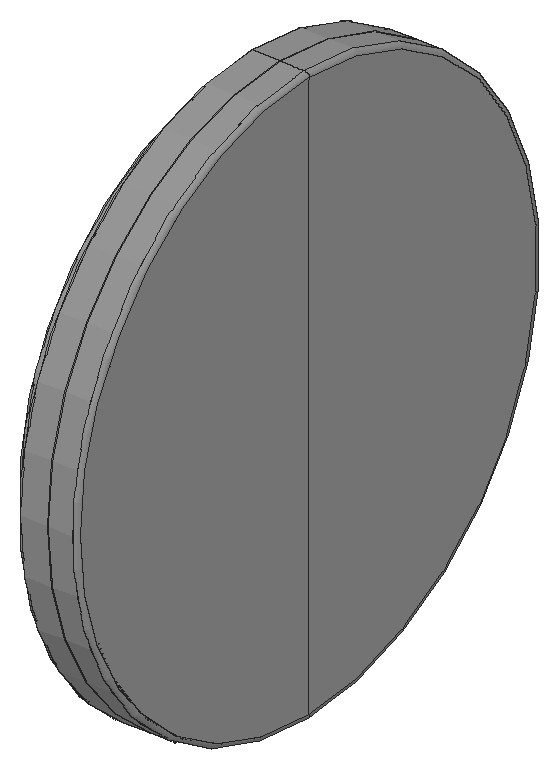
Revit family "IVLB_Generic_LF_Wall Mounted Luminaire Round", category Lighting Fixtures, Revit 2019 (continued)
Definition of nested family "Generic Lightsource"
  Parameters (values of type "FMS.1110.10 - Ø270 / 18W / 1120lm / 4000K")
      394.7084\t391.0909\t387.0552\r\n382.4227\t377.3501\t371.7125\t365.6289\t359.0797\t352.0101\t344.5153\t336.5336\t328.0834\t319.186\r\n310.0492\t300.3991\t290.6808\t280.0535\t269.1382\t257.6606\t245.9715\t234.0356\t221.994\t209.6474\r\n197.1639\t184.5242\t171.8904\t158.2648\t144.4077\t130.6839\t117.093\t103.3426\t89.5213\t76.4321\r\n62.9064\t50.3095\t38.9022\t28.6824\t0\t0\r\n405.3384\t405.5619\t405.0308\t404.1037\t402.4481\t400.3826\t397.8529\t394.7029\t391.0716\t386.9514\r\n382.295\t377.2986\t371.6562\t365.6032\t359.0556\t351.9937\t344.5103\t336.584\t328.1776\t319.3532\r\n310.0974\t300.3356\t290.3174\t279.8488\t269.1115\t258.1537\t246.5385\t234.5863\t222.1937\t209.6472\r\n196.9332\t184.0086\t170.9271\t157.807\t144.7993\t131.1715\t116.9912\t103.0076\t89.4388\t75.7848\r\n62.8691\t50.2334\t38.592\t27.1196\t0\t0\r\n405.3384\t405.5633\t405.0407\t404.1312\t402.6392\t400.4187\t397.881\t394.7292\t391.0895\t386.9644\r\n382.2746\t377.1648\t371.4996\t365.4693\t358.9878\t351.9131\t344.4464\t336.5353\t328.1318\t319.3478\r\n310.1011\t300.4485\t290.394\t279.9618\t269.1603\t257.9107\t246.3524\t234.5985\t222.4284\t210.1088\r\n197.3969\t184.1969\t170.8703\t157.4428\t143.9608\t130.43\t116.9468\t103.5478\t89.3098\t75.5778\r\n62.4619\t50.0702\t38.7502\t24.5387\t1.901\t0\r\n405.3384\t405.5636\t405.0466\t404.1492\t402.6681\t400.5955\t398.0664\t394.9307\t391.1454\t387.0248\r\n382.3139\t377.1828\t371.4901\t365.4554\t358.8567\t351.7264\t344.248\t336.3296\t327.9212\t319.2201\r\n309.9694\t300.3191\t290.2888\t279.8993\t269.135\t258.007\t246.5323\t234.736\t222.5462\t210.0919\r\n197.3723\t184.3271\t171.1345\t157.7225\t144.2137\t130.4595\t116.5463\t102.7293\t88.9906\t75.6756\r\n62.4842\t49.7099\t38.4108\t19.5388\t9.0852\t0\r\n405.3384\t405.5627\t405.0483\t404.1575\t402.6822\t400.6129\t398.0939\t394.9827\t391.3659\t387.2691\r\n382.55\t377.4142\t371.7081\t365.686\t358.9237\t351.7483\t344.2571\t336.3046\t327.8656\t319.0519\r\n309.7319\t300.073\t290.0393\t279.6352\t268.8689\t257.7186\t246.2608\t234.4573\t222.2884\t210.0107\r\n197.2602\t184.3582\t171.2221\t157.8358\t144.2992\t130.7043\t116.8944\t103.0094\t89.1137\t75.4482\r\n62.0725\t49.5077\t38.5681\t16.4085\t6.3848\t0\r\n405.3384\t405.5608\t405.0458\t404.1562\t402.6815\t400.6096\t398.0931\t394.9913\t391.3746\t387.2895\r\n382.5726\t377.4458\t371.7456\t365.7409\t359.116\t351.9176\t344.4382\t336.4672\t328.028\t319.2025\r\n309.8386\t300.1705\t290.1395\t279.7338\t268.942\t257.7639\t246.2815\t234.4244\t222.1929\t209.9028\r\n196.969\t184.0235\t170.8906\t157.4183\t143.9226\t130.2982\t116.5333\t102.7217\t88.9801\t75.3324\r\n62.0708\t49.4881\t37.8886\t16.6443\t6.3206\t4.5649\r\n405.3384\t405.5579\t405.0392\t404.1453\t402.6658\t400.5861\t398.064\t394.9565\t391.3223\t387.2272\r\n382.4989\t377.367\t371.656\t365.6345\t358.8616\t351.6754\t344.1767\t336.2087\t327.7721\t318.9511\r\n309.6246\t299.9461\t289.9153\t279.5013\t268.7141\t257.5244\t246.0492\t234.2476\t222.0584\t209.8057\r\n197.0631\t184.1389\t170.9819\t157.6062\t144.0805\t130.4305\t116.7655\t102.8872\t88.9857\t75.3165\r\n61.9974\t49.5022\t38.5004\t19.5133\t10.1573\t0\r\n405.3384\t405.5537\t405.0285\t404.1246\t402.6354\t400.5421\t398.006\t394.879\t391.057\t386.9398\r\n382.2102\t377.0886\t371.3854\t365.3521\t358.7336\t351.5762\t344.0881\t336.1427\t327.7345\t319.0228\r\n309.7484\t300.0828\t290.0448\t279.6173\t268.8275\t257.6208\t246.1171\t234.3028\t222.0743\t209.66\r\n196.8854\t183.8167\t170.5486\t157.0989\t143.5804\t129.9288\t116.1512\t102.4281\t88.8066\t75.5773\r\n62.493\t49.7093\t38.2595\t25.0307\t14.9589\t0\r\n405.3384\t405.5487\t405.0137\t404.0945\t402.5903\t400.3393\t397.7919\t394.6519\t390.9587\t386.8388\r\n382.1207\t377.0237\t371.3413\t365.3181\t358.8128\t351.6794\t344.2118\t336.2599\t327.8486\t319.0383\r\n309.7477\t300.0564\t289.9668\t279.4805\t268.6528\t257.2839\t245.7289\t233.9178\t221.7092\t209.3665\r\n196.5454\t183.3687\t170.0181\t156.5779\t143.1684\t129.7197\t116.3848\t103.1589\t88.9988\t75.3396\r\n62.3046\t50.0937\t38.8254\t28.0997\t2.873\t0\r\n405.3384\t405.5424\t404.9947\t404.055\t402.3835\t400.2776\t397.7298\t394.604\t390.8997\t386.7863\r\n382.0919\t377.1147\t371.4463\t365.407\t358.8101\t351.6735\t344.1847\t336.2129\t327.7678\t318.9134\r\n309.5687\t299.7567\t289.6031\t279.1338\t268.3599\t257.1899\t245.6509\t233.7994\t221.2737\t208.667\r\n195.8953\t182.9771\t169.8766\t156.7282\t143.8338\t130.2381\t116.1827\t102.4101\t88.9484\t75.4168\r\n62.7296\t50.3091\t39.1414\t29.704\t0\t0\r\n405.3384\t405.5351\t404.9716\t403.8532\t402.3311\t400.2301\t397.6855\t394.5908\t390.8787\t386.8617\r\n382.175\t377.112\t371.4367\t365.3594\t358.743\t351.6058\t344.0956\t336.0642\t327.5154\t318.5932\r\n309.2834\t299.6126\t289.6216\t279.1214\t268.1429\t256.518\t244.9018\t233.0679\t220.8676\t208.4546\r\n195.9224\t183.2678\t170.6349\t156.9081\t143.1149\t129.4264\t115.9638\t102.4748\t88.9243\t76.0325\r\n62.7599\t50.5163\t39.7576\t30.4051\t0\t0\r\n405.3384\t405.5268\t404.9446\t403.805\t402.2873\t400.1964\t397.6585\t394.6138\t390.9631\t386.846\r\n382.1518\t377.0764\t371.382\t365.2552\t358.5991\t351.4668\t343.8615\t335.8105\t327.4306\t318.7174\r\n309.3728\t299.5147\t288.9811\t278.3636\t267.4085\t256.1152\t244.6556\t232.9217\t220.9954\t208.7993\r\n196.6284\t183.2571\t169.7766\t156.2175\t142.8009\t129.5874\t115.8561\t102.4694\t89.5373\t75.801\r\n62.8374\t50.9146\t40.2047\t6.0894\t0\t0\r\n405.3384\t405.5175\t404.9137\t403.7611\t402.2519\t400.1761\t397.6486\t394.7553\t390.9488\t386.789\r\n382.1121\t377.0119\t371.2861\t365.1175\t358.3294\t351.2537\t343.813\t335.977\t327.5604\t318.4278\r\n308.6974\t298.7546\t288.5068\t277.9956\t267.1616\t256.1159\t244.8144\t233.2945\t221.7169\t208.8064\r\n195.7188\t182.5554\t169.3922\t156.2082\t142.9406\t129.1804\t115.9091\t102.9762\t89.1253\t75.8369\r\n63.1021\t51.3207\t40.5082\t0\t0\t0\r\n405.3384\t405.5071\t404.732\t403.7215\t402.2248\t400.1686\t397.7338\t394.8479\t390.8965\t386.7357\r\n382.0539\t376.9054\t371.1484\t364.8842\t358.2241\t351.4508\t343.9783\t335.7216\t326.8896\t317.6788\r\n308.2461\t298.3973\t288.3086\t277.939\t267.2925\t256.4485\t245.5245\t233.6216\t220.7985\t208.0817\r\n195.2276\t182.3754\t169.6036\t156.0708\t142.5048\t129.2499\t116.3261\t102.426\t89.0803\t75.9582\r\n63.4055\t51.6359\t45.2068\t0\t0\t0\r\n405.3384\t405.4958\t404.7008\t403.6862\t402.2055\t400.2642\t397.7241\t394.865\t390.8568\t386.6659\r\n381.976\t376.6726\t370.9429\t364.8366\t358.4087\t351.334\t343.5563\t334.9914\t326.3919\t317.3169\r\n308.0073\t298.2976\t288.3747\t278.1618\t267.7576\t257.0033\t244.8286\t232.6273\t220.2623\t207.8032\r\n195.2499\t182.6548\t169.1292\t155.7437\t142.619\t129.6789\t115.7028\t102.2394\t89.062\t76.0071\r\n63.5996\t51.8486\t11.6838\t0\t0\t0\r\n405.3384\t405.4834\t404.6711\t403.6553\t402.1936\t400.258\t397.6979\t394.8548\t390.809\t386.5801\r\n381.7953\t376.5628\t370.9021\t365.0558\t358.2517\t350.708\t342.8497\t334.6091\t326.0741\t317.1853\r\n307.9783\t298.4528\t288.6922\t278.8691\t267.9516\t256.0449\t244.1901\t232.1682\t220.074\t207.8676\r\n195.4583\t182.0264\t168.8523\t155.8456\t142.9997\t129.0282\t115.4645\t102.3448\t88.8812\t76.0111\r\n63.697\t51.9403\t0\t0\t0\t0\r\n405.3384\t405.4702\t404.6431\t403.6287\t402.2832\t400.2467\t397.6616\t394.8126\t390.7531\t386.4813\r\n381.7031\t376.5033\t371.0899\t364.866\t357.6417\t350.2384\t342.4952\t334.4178\t325.9215\t317.2094\r\n308.1434\t298.8419\t289.3001\t278.281\t266.9656\t255.5234\t243.8676\t232.0908\t220.4035\t207.9609\r\n194.7531\t181.8051\t168.927\t156.2326\t142.3126\t128.7065\t115.4865\t101.9757\t88.7309\t76.0048\r\n63.7421\t56.6766\t0\t0\t0\t0\r\n405.3384\t405.4561\t404.6167\t403.6076\t402.2769\t400.2274\t397.6166\t394.7349\t390.6867\t386.33\r\n381.656\t376.7279\t370.9169\t364.2502\t357.2389\t349.8681\t342.264\t334.3087\t325.9477\t317.3662\r\n308.4811\t299.3487\t288.5326\t277.6229\t266.5022\t255.2499\t243.8518\t232.5118\t220.0293\t207.2658\r\n194.5118\t181.8749\t169.3599\t155.551\t141.9034\t128.5853\t115.2093\t101.7082\t88.6305\t75.9892\r\n63.7506\t34.8823\t0\t0\t0\t0\r\n405.3384\t405.441\t404.5919\t403.5925\t402.2647\t400.2005\t397.5636\t394.6195\t390.511\t386.2918\r\n381.8682\t376.6329\t370.3868\t363.8318\t356.9304\t349.652\t342.1589\t334.2951\t326.1382\t317.7058\r\n308.9338\t298.5236\t287.9506\t277.1892\t266.2979\t255.2333\t244.3108\t232.0843\t219.5682\t206.9936\r\n194.5653\t182.2533\t168.7385\t155.1122\t141.7148\t128.5532\t114.8199\t101.4796\t88.5326\t75.9589\r\n63.7436\t0\t0\t0\t0\t0\r\n405.3384\t405.4251\t404.5685\t403.5817\t402.2465\t400.1668\t397.508\t394.4112\t390.4413\t386.2913\r\n381.8067\t376.4311\t370.0062\t363.505\t356.7156\t349.5603\t342.1638\t334.4401\t326.4674\t318.1326\r\n308.1103\t297.9214\t287.5762\t277.012\t266.3002\t255.6656\t243.832\t231.5923\t219.2864\t207.014\r\n194.9442\t181.7689\t168.1866\t154.8828\t141.8181\t128.0517\t114.4929\t101.2468\t88.4031\t75.8633\r\n69.485\t0\t0\t0\t0\t0\r\n405.3384\t405.2485\t404.5335\t403.6645\t402.2224\t400.1255\t397.475\t394.1709\t390.3989\t386.5385\r\n381.6223\t375.8443\t369.6864\t363.2614\t356.5777\t349.5494\t342.2587\t334.7322\t326.9154\t317.3685\r\n307.5367\t297.5489\t287.3558\t277.0195\t266.7127\t255.5088\t243.294\t231.2722\t219.2355\t207.2358\r\n194.7953\t181.1626\t167.9131\t154.7557\t141.4371\t127.7042\t114.2298\t101.0851\t88.2593\t75.7374\r\n52.566\t0\t0\t0\t0\t0\r\n405.3384\t405.2313\t404.5149\t403.6585\t402.1924\t400.0874\t397.4062\t394.0524\t390.3827\t386.4783\r\n381.347\t375.4965\t369.4174\t363.101\t356.5087\t349.625\t342.4702\t335.2626\t326.2434\t316.8153\r\n307.1624\t297.3178\t287.3215\t277.1874\t266.6991\t254.7569\t242.9726\t231.1253\t219.3601\t207.4539\r\n194.0571\t180.8106\t167.6988\t154.8237\t140.9526\t127.3463\t114.024\t100.9381\t88.1442\t75.6199\r\n8.3292\t0\t0\t0\t0\t0\r\n405.3384\t405.2143\t404.4979\t403.65\t402.1564\t400.0372\t397.3255\t393.9625\t390.6129\t386.3063\r\n380.8286\t375.1745\t369.2361\t363.0129\t356.5201\t349.7807\t343.0483\t335.0507\t325.7043\t316.3858\r\n306.914\t297.2339\t287.4377\t277.4576\t265.9553\t254.3844\t242.7811\t231.1938\t219.6917\t206.6946\r\n193.5598\t180.5774\t167.6861\t154.2617\t140.5223\t127.0588\t113.7914\t100.7972\t88.0366\t83.4326\r\n0\t0\t0\t0\t0\t0\r\n405.3384\t405.1978\t404.4825\t403.6384\t402.0911\t399.9817\t397.1408\t393.8852\t390.547\t386.0015\r\n380.5505\t374.9336\t369.1354\t362.9788\t356.6063\t350.0031\t343.0514\t334.2028\t325.2569\t316.0815\r\n306.771\t297.3248\t287.8218\t276.8308\t265.4808\t254.1562\t242.7619\t231.3645\t219.1669\t206.151\r\n193.2513\t180.4127\t167.6455\t153.7701\t140.1673\t126.7721\t113.5971\t100.6559\t87.9035\t73.2104\r\n0\t0\t0\t0\t0\t0\r\n405.3384\t405.1816\t404.4685\t403.6236\t402.0462\t399.9218\t397.0406\t393.8449\t390.4197\t385.4588\r\n380.303\t374.7523\t369.0481\t362.9941\t356.7556\t350.4899\t342.3766\t333.7323\t324.91\t315.93\r\n306.7423\t297.7012\t287.638\t276.3403\t265.2041\t254.0066\t242.8588\t231.5472\t218.5675\t205.791\r\n193.0312\t180.5339\t166.992\t153.2951\t139.8329\t126.5198\t113.4096\t100.488\t87.7644\t50.183\r\n0\t0\t0\t0\t0\t0\r\n405.3384\t405.1658\t404.4556\t403.605\t402.0047\t399.8587\t396.9678\t394.0484\t390.2485\t385.1764\r\n380.0833\t374.6292\t368.9744\t363.0772\t356.9562\t350.3807\t341.8775\t333.354\t324.6587\t315.8276\r\n306.8408\t297.6991\t286.865\t275.9921\t265.0466\t254.0282\t243.181\t230.8144\t218.1129\t205.4704\r\n192.95\t180.3241\t166.4787\t152.9016\t139.4897\t126.2465\t113.2069\t100.3244\t87.5932\t7.0091\r\n0\t0\t0\t0\t0\t0\r\n405.3384\t405.1736\t404.4436\t403.5723\t401.9608\t399.8075\t396.909\t394.0477\t390.0041\t384.9479\r\n379.8834\t374.551\t368.9703\t363.21\t357.4063\t349.6805\t341.4574\t333.0643\t324.521\t315.8139\r\n307.234\t297.0694\t286.4243\t275.712\t264.9568\t254.1683\t243.0001\t230.2308\t217.7563\t205.2779\r\n193.0318\t179.6139\t166.0256\t152.5274\t139.1851\t126.0071\t112.9942\t100.1243\t93.9816\t0\r\n0\t0\t0\t0\t0\t0\r\n405.3384\t405.1582\t404.4323\t403.5458\t401.9186\t399.7372\t396.864\t393.9692\t389.4676\t384.7303\r\n379.7002\t374.4837\t369.0179\t363.3474\t357.309\t349.2254\t341.1152\t332.8524\t324.4403\t315.899\r\n307.1158\t296.6023\t286.0655\t275.5201\t264.9227\t254.484\t242.2719\t229.8418\t217.4461\t205.1551\r\n192.8003\t179.0668\t165.548\t152.1467\t138.9029\t125.7703\t112.7705\t99.923\t81.4643\t0\r\n0\t0\t0\t0\t0\t0\r\n405.3384\t405.1427\t404.4215\t403.5172\t401.8789\t399.5738\t396.8307\t393.84\t389.2108\t384.5347\r\n379.5711\t374.4387\t369.0911\t363.8155\t356.9853\t348.8325\t340.836\t332.7132\t324.4347\t316.2659\r\n306.469\t296.1791\t285.8331\t275.4029\t264.9879\t254.1807\t241.7605\t229.4924\t217.282\t205.2627\r\n192.1131\t178.5645\t165.1154\t151.7836\t138.585\t125.5095\t112.5563\t99.7128\t60.9146\t0\r\n0\t0\t0\t0\t0\t0\r\n405.3384\t405.1268\t404.411\t403.4869\t401.8689\t399.5039\t396.8145\t393.6447\t388.9954\t384.3538\r\n379.4857\t374.4179\t369.1782\t363.8193\t356.2567\t348.5043\t340.6114\t332.606\t324.4985\t316.1813\r\n306.0112\t295.8319\t285.6355\t275.3934\t265.2495\t253.4097\t241.2878\t229.2124\t217.1097\t205.0994\r\n191.5675\t178.0818\t164.7012\t151.456\t138.2911\t125.2321\t112.3059\t99.4762\t16.2983\t0\r\n0\t0\t0\t0\t0\t0\r\n405.3384\t405.1108\t404.4903\t403.4555\t401.8237\t399.4103\t397.0305\t393.4442\t388.8336\t384.1754\r\n379.4075\t374.43\t369.2737\t363.6191\t355.8892\t348.234\t340.4491\t332.5491\t324.8276\t315.8567\r\n305.6102\t295.5819\t285.4934\t275.413\t265.0581\t252.9031\t240.9149\t228.9525\t217.0191\t204.6975\r\n191.0128\t177.6397\t164.3329\t151.1167\t137.9969\t124.9687\t112.062\t107.5917\t0.7007\t0\r\n0\t0\t0\t0\t0\t0\r\n405.3384\t405.0944\t404.4708\t403.4232\t401.771\t399.3535\t397.0169\t393.0022\t388.6496\t384.0408\r\n379.3374\t374.4627\t369.6852\t362.9627\t355.5698\t348.0061\t340.3388\t332.5584\t324.7942\t315.1398\r\n305.2951\t295.3698\t285.4247\t275.6825\t264.3367\t252.5037\t240.6145\t228.7679\t217.1002\t203.9238\r\n190.5367\t177.2097\t163.9532\t150.792\t137.717\t124.7302\t111.8063\t98.8725\t0\t0\r\n0\t0\t0\t0\t0\t0\r\n405.3384\t405.0776\t404.4545\t403.3908\t401.7101\t399.3099\t396.9567\t392.7976\t388.4495\t383.9609\r\n379.2847\t374.4998\t369.6843\t362.5741\t355.27\t347.8284\t340.249\t332.6102\t324.5858\t314.7295\r\n304.9935\t295.2193\t285.3785\t275.5735\t263.8563\t252.1042\t240.3755\t228.643\t216.8475\t203.3823\r\n190.0477\t176.7881\t163.6007\t150.4803\t137.4402\t124.4543\t111.5517\t85.0694\t0\t0\r\n0\t0\t0\t0\t0\t0\r\n405.3384\t405.0604\t404.4375\t403.3708\t401.6143\t399.2784\t396.8678\t392.6205\t388.286\t383.8712\r\n379.2482\t374.5384\t369.5416\t362.2694\t354.9882\t347.6747\t340.2311\t332.9204\t323.9709\t314.3815\r\n304.7666\t295.0886\t285.3921\t275.2484\t263.399\t251.7743\t240.1515\t228.5226\t216.4169\t202.8894\r\n189.6152\t176.4056\t163.2526\t150.1706\t137.1488\t124.1833\t111.2847\t67.3012\t0\t0\r\n0\t0\t0\t0\t0\t0\r\n405.3384\t405.0427\t404.4198\t403.3318\t401.5423\t399.2809\t396.7363\t392.489\t388.1443\t383.7593\r\n379.2585\t374.6007\t369.2833\t361.9708\t354.796\t347.5124\t340.2151\t332.8981\t323.5654\t314.0775\r\n304.5571\t295.0196\t285.6448\t274.5513\t263.0117\t251.4537\t239.942\t228.6113\t215.6596\t202.3901\r\n189.1856\t176.0419\t162.932\t149.883\t136.8857\t123.9284\t122.8764\t24.0819\t0\t0\r\n0\t0\t0\t0\t0\t0\r\n405.3384\t405.0244\t404.402\t403.293\t401.4733\t399.2445\t396.6121\t392.3366\t388.0271\t383.6686\r\n379.2507\t374.9702\t368.6448\t361.6732\t354.6081\t347.4237\t340.1562\t332.7313\t323.2268\t313.8119\r\n304.3844\t294.9379\t285.5233\t274.1363\t262.6612\t251.2131\t239.7592\t228.325\t215.0958\t201.9145\r\n188.7725\t175.6617\t162.5822\t149.5668\t136.5956\t123.6688\t120.5677\t9.957\t0\t0\r\n0\t0\t0\t0\t0\t0\r\n405.3384\t405.0054\t404.384\t403.2512\t401.3208\t399.1951\t396.4819\t392.1762\t387.9514\t383.5908\r\n379.2078\t374.9606\t368.3521\t361.3828\t354.4067\t347.3472\t340.1951\t332.3855\t322.9143\t313.5971\r\n304.2281\t294.8631\t285.2223\t273.7182\t262.3605\t251.0007\t239.6319\t227.9627\t214.5968\t201.4525\r\n188.3381\t175.2686\t162.2411\t149.2486\t136.2977\t123.3792\t114.9625\t0\t0\t0\r\n0\t0\t0\t0\t0\t0\r\n405.3384\t404.9858\t404.3663\t403.2062\t401.2807\t399.3352\t396.3671\t391.9995\t387.8556\t383.5414\r\n379.1954\t374.8369\t368.0781\t361.1669\t354.2081\t347.2392\t340.4601\t331.7946\t322.572\t313.375\r\n304.1344\t294.8515\t284.8364\t273.3137\t262.0496\t250.7828\t239.7394\t227.2719\t214.143\t201.0284\r\n187.957\t174.9188\t161.9031\t148.9358\t135.9942\t123.0935\t106.9167\t0\t0\t0\r\n0\t0\t0\t0\t0\t0\r\n405.3384\t404.9657\t404.3491\t403.137\t401.2259\t399.2718\t396.1988\t391.8626\t387.7249\t383.5318\r\n379.2046\t374.674\t367.8035\t360.9786\t354.0767\t347.1349\t340.3019\t331.4341\t322.3187\t313.1475\r\n303.9869\t295.0203\t284.1943\t272.9865\t261.7665\t250.5691\t239.5527\t226.7795\t213.6915\t200.6354\r\n187.5885\t174.5759\t161.5912\t148.6211\t135.6938\t122.7886\t97.1013\t0\t0\t0\r\n0\t0\t0\t0\t0\t0\r\n405.3384\t404.9447\t404.3643\t403.0908\t401.1696\t399.2115\t395.7381\t391.7602\t387.6137\t383.4745\r\n379.2433\t374.4878\t367.536\t360.7869\t353.9653\t347.0886\t340.1271\t331.0609\t322.0462\t312.9846\r\n303.8666\t294.8288\t283.7883\t272.6681\t261.5277\t250.3816\t239.2929\t226.2978\t213.2501\t200.2267\r\n187.218\t174.2303\t161.2676\t148.3254\t135.4154\t122.514\t86.1249\t0\t0\t0\r\n0\t0\t0\t0\t0\t0\r\n405.3384\t404.9229\t404.3466\t403.048\t401.1114\t399.1739\t395.5625\t391.6161\t387.5292\t383.3775\r\n379.2387\t374.3121\t367.2962\t360.5925\t353.8461\t347.0574\t339.9336\t330.7756\t321.7646\t312.7595\r\n303.7724\t294.6075\t283.4083\t272.337\t261.2567\t250.1906\t238.9891\t225.8589\t212.8415\t199.8294\r\n186.8583\t173.8966\t160.9568\t148.0252\t135.1175\t122.2164\t74.5102\t0\t0\t0\r\n0\t0\t0\t0\t0\t0\r\n405.3384\t404.9005\t404.3255\t403.009\t401.0339\t399.1156\t395.4146\t391.4309\t387.4243\t383.3208\r\n379.4976\t373.7544\t367.1078\t360.4023\t353.7011\t347.0017\t339.7099\t330.5052\t321.5623\t312.5965\r\n303.6305\t294.2656\t283.057\t272.0629\t261.0319\t250.0033\t238.6069\t225.4043\t212.4214\t199.4582\r\n186.5098\t173.5796\t160.6474\t147.7264\t134.8117\t134.8645\t35.7949\t0\t0\t0\r\n0\t0\t0\t0\t0\t0\r\n405.3384\t404.8772\t404.301\t402.9743\t400.978\t399.0523\t395.3086\t391.2952\t387.2858\t383.248\r\n379.4366\t373.4825\t366.884\t360.2677\t353.5976\t347.1681\t339.3917\t330.259\t321.3543\t312.4464\r\n303.5241\t293.9556\t282.7397\t271.7601\t260.7829\t249.8115\t238.199\t224.9904\t212.0355\t1
